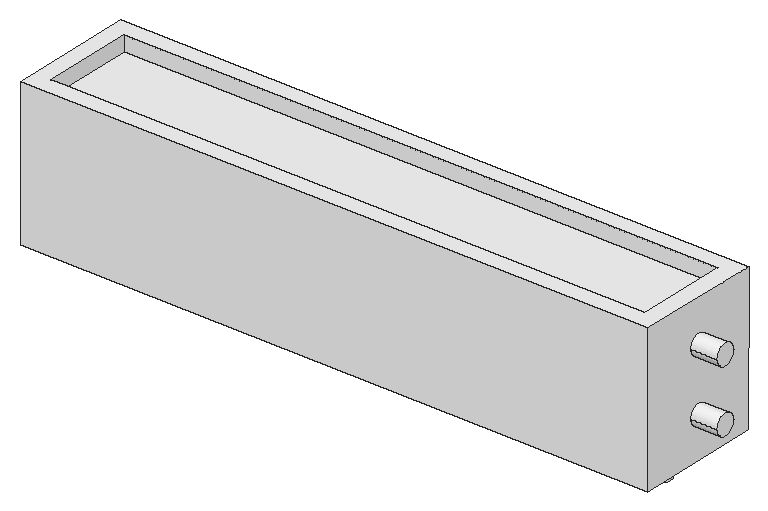
Revit family
Parameters (values of type "TS 0720")
  Width = 60 mm
  URL = "http://viewer.zmags.com/publication/f43ba979"
  Tapping Height = Height - 40 mm  # 30 mm
  Tapping Dim = 15 mm
  Tapping Depth = if(Tap Radius < 5 mm, 13 mm, 17 mm)  # 13 mm
  Tapping Bottom 2 = (Width > 60 mm)  # no
  Tapping Bottom = not(Tapping Bottom 2)  # yes
  Tap Radius = 4.8 mm
  Offset from Wall = if(Width = 60 mm, 80 mm, 127 mm)  # 80 mm
  Model = "TS 0720"
  Manufacturer = "Meinertz"  # constant formula
  Keynote = "TS 0720"
  Horizontal Line = Height > 70 mm  # no
  Horizontal Line 2 = Height > 140 mm  # no
  Height Offset from Floor = 100 mm
  Length = 300 mm
  Height = 70 mm
  Heater = RAL 9016
  Grill 2 = and(not(Grill 1), Add Grill)  # no
  Grill 1 = and(Width = 60 mm, Add Grill)  # yes
  Grill = Grill
  GoGetNo = 6981  # constant formula
  Add Grill = yes
Types (9, lengths in mm): name | Width | Tapping Height | Tapping Bottom 2 | Tapping Bottom | Offset from Wall | Model | Keynote | Horizontal Line | Horizontal Line 2 | Height | Grill 2 | Grill 1
  (no name) | 60 | 30 | no | yes | 80 | "TS 0720" | "TS 0720" | no | no | 70 | no | yes
  TS 0720 | 60 | 30 | no | yes | 80 | "TS 0720" | "TS 0720" | no | no | 70 | no | yes
  TS 1420 | 60 | 100 | no | yes | 80 | "TS 1420" | "TS 1420" | yes | no | 140 | no | yes
  TS 2120 | 60 | 170 | no | yes | 80 | "TS 2120" | "TS 2120" | yes | yes | 210 | no | yes
  TS 2820 | 60 | 240 | no | yes | 80 | "TS 2820" | "TS 2820" | yes | yes | 280 | no | yes
  TS 0730 | 109 | 30 | yes | no | 127 | "TS 0730" | "TS 0730" | no | no | 70 | yes | no
  TS 1430 | 109 | 100 | yes | no | 127 | "TS 1430" | "TS 1430" | yes | no | 140 | yes | no
  TS 2130 | 109 | 170 | yes | no | 127 | "TS 2130" | "TS 2130" | yes | yes | 210 | yes | no
  TS 2830 | 109 | 240 | yes | no | 127 | "TS 2830" | "TS 2830" | yes | yes | 280 | yes | no
Reference planes
  plane 1 "Center (Front/Back)": y = 0
  plane 2: z = 0
  plane 3 "Center (Left/Right)": x = 0
  plane 4 "bottom": z = 100
  plane 5: y = 30
  plane 6: y = -30
  plane 7: x = -150
  plane 8: x = 150
  plane 9: y = 22
  plane 10: y = -22
  plane 11: x = -142
  plane 12: x = 142
  plane 13: z = 170
  plane 14: z = 163
  plane 15: z = 135
  plane 16: z = 150
  plane 17: z = 120
  plane 18: y = 4
  plane 19: y = -4
  plane 20: y = -13
  plane 21: y = 13
  plane 22 "wall": y = 50
  plane 23: x = -132
  plane 24: x = 132
  plane 25: y = -25
  plane 26: y = 25
Forms (mm)
  Extrusion 1, solid, material "RAL 9016" <- "Heater"
    sketch origin (0, 0, 100) x (-1, 0, 0) y (0, -1, 0)
      loop
        line (150, -30) -> (150, 30) -> (-150, 30) -> (-150, -30) -> (150, -30)
      loop
        line (142, -22) -> (142, 22) -> (-142, 22) -> (-142, -22) -> (142, -22)
    from 0 to 70
  Extrusion 2, solid, material "RAL 9016" <- "Heater", visible <- "Grill 2"
    sketch origin (0, 0, 100) x (-1, 0, 0) y (0, -1, 0)
      loop
        line (142, -4) -> (142, 4) -> (-142, 4) -> (-142, -4) -> (142, -4)
    from 0 to 70
  Extrusion 3, solid, material "Grill" <- "Grill", visible <- "Grill 1", detail levels fine
    sketch origin (0, 0, 100) x (-1, 0, 0) y (0, -1, 0)
      loop
        line (142, -22) -> (142, 22) -> (-142, 22) -> (-142, -22) -> (142, -22)
    from 55 to 63
  Extrusion 4, solid, material "Grill" <- "Grill", visible <- "Grill 2", detail levels fine
    sketch origin (0, 0, 100) x (-1, 0, 0) y (0, -1, 0)
      loop
        line (142, -22) -> (142, -4) -> (-142, -4) -> (-142, -22) -> (142, -22)
      loop
        line (142, 22) -> (-142, 22) -> (-142, 4) -> (142, 4) -> (142, 22)
    from 55 to 63
  Extrusion 5, solid, material "RAL 9016" <- "Heater"
    sketch origin (0, 0, 100) x (-1, 0, 0) y (0, -1, 0)
      loop
        line (142, -22) -> (142, 22) -> (-142, 22) -> (-142, -22) -> (142, -22)
    from 0 to 8
  Extrusion 6, solid, material "Tap"
    sketch origin (-150, 30, 100) x (0, -1, 0) y (0, 0, 1)
      loop
        circle (30, 50) r 4.8
    from 0 to 13
  Extrusion 7, solid, material "Tap"
    sketch origin (-150, 30, 100) x (0, -1, 0) y (0, 0, 1)
      loop
        circle (30, 20) r 4.8
    from 0 to 13
  Extrusion 8, solid, material "Tap"
    sketch origin (150, 30, 100) x (0, -1, 0) y (0, 0, -1)
      loop
        circle (30, -50) r 4.8
    from 0 to 13
  Extrusion 9, solid, material "Tap"
    sketch origin (150, 30, 100) x (0, -1, 0) y (0, 0, -1)
      loop
        circle (30, -20) r 4.8
    from 0 to 13
  Extrusion 10, solid, material "Tap", visible <- "Tapping Bottom"
    sketch origin (0, 0, 100) x (0, -1, 0) y (-1, 0, 0)
      loop
        circle (0, 132) r 4.8
    from 0 to 13
  Extrusion 11, solid, material "Tap", visible <- "Tapping Bottom"
    sketch origin (0, 0, 100) x (0, 1, 0) y (1, 0, 0)
      loop
        circle (0, 132) r 4.8
    from 0 to 13
  Extrusion 12, solid, material "Tap", visible <- "Tapping Bottom 2"
    sketch origin (0, 25, 100) x (0, -1, 0) y (-1, 0, 0)
      loop
        circle (0, 132) r 4.8
    from 0 to 13
  Extrusion 13, solid, material "Tap", visible <- "Tapping Bottom 2"
    sketch origin (0, -25, 100) x (0, -1, 0) y (-1, 0, 0)
      loop
        circle (0, 132) r 4.8
    from 0 to 13
  Extrusion 14, solid, material "Tap", visible <- "Tapping Bottom 2"
    sketch origin (0, 25, 100) x (0, 1, 0) y (1, 0, 0)
      loop
        circle (0, 132) r 4.8
    from 0 to 13
  Extrusion 15, solid, material "Tap", visible <- "Tapping Bottom 2"
    sketch origin (0, -25, 100) x (0, 1, 0) y (1, 0, 0)
      loop
        circle (0, 132) r 4.8
    from 0 to 13
Lines and regions (mm)
  symbolic lines
    curve 1: line (-150, 0, 170) -> (150, 0, 170)
  symbolic lines, visible <- "Horizontal Line"
    curve 2: line (-150, 0, 240) -> (150, 0, 240)
  symbolic lines, visible <- "Horizontal Line 2"
    curve 3: line (-150, 0, 310) -> (150, 0, 310)
Dimensions and locks
  locked: plane 7 to plane 11 at 8
  locked: plane 12 to plane 8 at 8
  locked: plane 10 to plane 6 at 8
  locked: plane 9 to plane 5 at 8
  equal spacing: plane 7, plane 3 "Center (Left/Right)", plane 8
  equal spacing: plane 6, plane 1 "Center (Front/Back)", plane 5
  "Length": plane 7 to plane 8
  "Width": plane 5 to plane 6
  "Height": plane 13 to plane 4 "bottom"
  "Height Offset from Floor": plane 4 "bottom" to plane 2
  locked: plane 13 to plane 14 at 7
  equal spacing: plane 13, plane 15, plane 4 "bottom"
  equal spacing: plane 16, plane 15, plane 17
  "Tapping Height": plane 16 to plane 17
  group 1 to group 2 = 0 mm  (x2)
  group 1 to group 2 = 70 mm
  curve 3 to curve 2 to curve 1 to plane 4 "bottom" = 70 mm locked, 70 mm locked, 70 mm locked
  plane 19 to plane 1 "Center (Front/Back)" to plane 18 = 4 mm, 4 mm
  equal spacing: plane 19, plane 20, plane 10
  equal spacing: plane 9, plane 21, plane 18
  "Offset from Wall": plane 22 "wall" to plane 6
  locked: plane 14 to Extrusion 3 at 8
  locked: plane 23 to plane 7 at 18
  locked: plane 24 to plane 8 at 18
  equal spacing: plane 26, plane 1 "Center (Front/Back)", plane 25
  locked: plane 26 to plane 25 at 50
  "Tapping Depth": Extrusion 6 to Extrusion 6  (x2)
  "Tapping Depth": Extrusion 7 to Extrusion 7
  Extrusion 7 to plane 1 "Center (Front/Back)" to Extrusion 7 = 4.8 mm locked, 4.8 mm locked  (x2)
  "Tapping Depth": Extrusion 8 to Extrusion 8  (x2)
  "Tapping Depth": Extrusion 9 to Extrusion 9
  Extrusion 9 to Extrusion 9 = 9.6 mm  (x2)
  "Tapping Depth": Extrusion 10 to Extrusion 10
  "Tapping Depth": Extrusion 11 to Extrusion 11
  "Tapping Depth": Extrusion 12 to Extrusion 12
  "Tapping Depth": Extrusion 13 to Extrusion 13
  "Tapping Depth": Extrusion 14 to Extrusion 14
  "Tapping Depth": Extrusion 15 to Extrusion 15
  "Tap Radius": radius of Extrusion 6 sketch curve
  "Tap Radius": radius of Extrusion 7 sketch curve
  "Tap Radius": radius of Extrusion 8 sketch curve
  "Tap Radius": radius of Extrusion 9 sketch curve
  "Tap Radius": radius of Extrusion 10 sketch curve
  "Tap Radius": radius of Extrusion 11 sketch curve
  "Tap Radius": radius of Extrusion 12 sketch curve
  "Tap Radius": radius of Extrusion 13 sketch curve
  "Tap Radius": radius of Extrusion 14 sketch curve
  "Tap Radius": radius of Extrusion 15 sketch curve
  aligned and locked: plane 7 to Extrusion 1 sketch curve
  aligned and locked: plane 5 to Extrusion 1 sketch curve
  aligned and locked: plane 6 to Extrusion 1 sketch curve
  aligned and locked: plane 8 to Extrusion 1 sketch curve
  aligned and locked: plane 9 to Extrusion 1 sketch curve
  aligned and locked: plane 11 to Extrusion 1 sketch curve
  aligned and locked: plane 10 to Extrusion 1 sketch curve
  aligned and locked: plane 12 to Extrusion 1 sketch curve
  aligned and locked: plane 13 to Extrusion 1
  aligned and locked: plane 7 to curve 1
  aligned and locked: plane 8 to curve 1
  aligned and locked: plane 18 to Extrusion 2 sketch curve
  aligned and locked: plane 19 to Extrusion 2 sketch curve
  aligned and locked: plane 11 to Extrusion 2 sketch curve
  aligned and locked: plane 12 to Extrusion 2 sketch curve
  aligned and locked: plane 13 to Extrusion 2
  aligned and locked: plane 9 to Extrusion 3 sketch curve
  aligned and locked: plane 10 to Extrusion 3 sketch curve
  aligned and locked: plane 12 to Extrusion 3 sketch curve
  aligned and locked: plane 11 to Extrusion 3 sketch curve
  aligned and locked: plane 14 to Extrusion 3
  aligned and locked: plane 9 to Extrusion 4 sketch curve
  aligned and locked: plane 18 to Extrusion 4 sketch curve
  aligned and locked: Extrusion 4 sketch curve to plane 10
  aligned and locked: plane 19 to Extrusion 4 sketch curve
  aligned and locked: Extrusion 4 sketch curve to Extrusion 4 sketch curve  (x2)
  aligned and locked: plane 11 to Extrusion 4 sketch curve
  aligned and locked: plane 12 to Extrusion 4 sketch curve
  aligned and locked: Extrusion 4 to Extrusion 3
  aligned and locked: plane 14 to Extrusion 4
  aligned and locked: plane 9 to Extrusion 5 sketch curve
  aligned and locked: plane 10 to Extrusion 5 sketch curve
  aligned and locked: plane 11 to Extrusion 5 sketch curve
  aligned and locked: plane 12 to Extrusion 5 sketch curve
Automatic sketch dimensions
  curve 3 to plane 7 = 0 mm
  curve 2 to plane 7 = 0 mm
  curve 2 to plane 8 = 0 mm
  curve 3 to plane 8 = 0 mm
  Extrusion 6 sketch curve to plane 1 "Center (Front/Back)" = 0 mm
  Extrusion 6 sketch curve to plane 16 = 0 mm
  Extrusion 7 sketch curve to plane 1 "Center (Front/Back)" = 0 mm
  Extrusion 7 sketch curve to plane 17 = 0 mm
  Extrusion 8 sketch curve to plane 1 "Center (Front/Back)" = 0 mm
  Extrusion 8 sketch curve to plane 16 = 0 mm
  Extrusion 9 sketch curve to plane 1 "Center (Front/Back)" = 0 mm
  Extrusion 9 sketch curve to plane 17 = 0 mm
  Extrusion 2 to Extrusion 10 sketch curve = 4 mm
  Extrusion 2 to Extrusion 10 sketch curve = 10 mm
  Extrusion 2 to Extrusion 11 sketch curve = 4 mm
  Extrusion 2 to Extrusion 11 sketch curve = 10 mm
  Extrusion 2 to Extrusion 12 sketch curve = 10 mm
  Extrusion 12 sketch curve to Extrusion 2 = 21 mm
  Extrusion 2 to Extrusion 13 sketch curve = 10 mm
  Extrusion 13 sketch curve to Extrusion 2 = 21 mm
  Extrusion 2 to Extrusion 14 sketch curve = 10 mm
  Extrusion 14 sketch curve to Extrusion 2 = 21 mm
  Extrusion 2 to Extrusion 15 sketch curve = 10 mm
  Extrusion 15 sketch curve to Extrusion 2 = 21 mm
Connectors
  piping at (-163, 0, 150), driven by "Tap Radius"
    settings: on Extrusion 6, index 5, connector radius 4.8 mm, flow factor 0, pipe flow 0.0 L/s, pressure drop 0.0 Pa, fitting loss kfactor 0, connector angle 0.00°, fixture units 0, flow configuration 1, flow direction 1, fitting loss method 0, system type 22, connector reference index -1, connector utility 0, adjustable connector no, is connector primary yes, fitting loss table "", connector description "C"
  piping at (-163, 0, 120), driven by "Tap Radius"
    settings: on Extrusion 7, index 6, connector radius 4.8 mm, flow factor 0, pipe flow 0.0 L/s, pressure drop 0.0 Pa, fitting loss kfactor 0, connector angle 0.00°, fixture units 0, flow configuration 1, flow direction 2, fitting loss method 0, system type 22, connector reference index -1, connector utility 0, adjustable connector no, is connector primary no, fitting loss table "", connector description "D"
  piping at (163, 0, 150), driven by "Tap Radius"
    settings: on Extrusion 8, index 13, connector radius 4.8 mm, flow factor 0, pipe flow 0.0 L/s, pressure drop 0.0 Pa, fitting loss kfactor 0, connector angle 0.00°, fixture units 0, flow configuration 1, flow direction 1, fitting loss method 0, system type 22, connector reference index -1, connector utility 0, adjustable connector no, is connector primary no, fitting loss table "", connector description "A"
  piping at (163, 0, 120), driven by "Tap Radius"
    settings: on Extrusion 9, index 14, connector radius 4.8 mm, flow factor 0, pipe flow 0.0 L/s, pressure drop 0.0 Pa, fitting loss kfactor 0, connector angle 0.00°, fixture units 0, flow configuration 1, flow direction 2, fitting loss method 0, system type 22, connector reference index -1, connector utility 0, adjustable connector no, is connector primary no, fitting loss table "", connector description "B"
  piping at (-132, -25, 87), driven by "Tap Radius"
    settings: on Extrusion 13, index 15, connector radius 4.8 mm, flow factor 0, pipe flow 0.0 L/s, pressure drop 0.0 Pa, fitting loss kfactor 0, connector angle 0.00°, fixture units 0, flow configuration 1, flow direction 2, fitting loss method 0, system type 22, connector reference index -1, connector utility 0, adjustable connector no, is connector primary no, fitting loss table "", connector description "F"
  piping at (-132, 0, 87), driven by "Tap Radius"
    settings: on Extrusion 10, index 16, connector radius 4.8 mm, flow factor 0, pipe flow 0.0 L/s, pressure drop 0.0 Pa, fitting loss kfactor 0, connector angle 0.00°, fixture units 0, flow configuration 1, flow direction 2, fitting loss method 0, system type 22, connector reference index -1, connector utility 0, adjustable connector no, is connector primary no, fitting loss table "", connector description "F"
  piping at (-132, 25, 87), driven by "Tap Radius"
    settings: on Extrusion 12, index 17, connector radius 4.8 mm, flow factor 0, pipe flow 0.0 L/s, pressure drop 0.0 Pa, fitting loss kfactor 0, connector angle 0.00°, fixture units 0, flow configuration 1, flow direction 2, fitting loss method 0, system type 22, connector reference index -1, connector utility 0, adjustable connector no, is connector primary no, fitting loss table "", connector description "F"
  piping at (132, 25, 87), driven by "Tap Radius"
    settings: on Extrusion 14, index 18, connector radius 4.8 mm, flow factor 0, pipe flow 0.0 L/s, pressure drop 0.0 Pa, fitting loss kfactor 0, connector angle 0.00°, fixture units 0, flow configuration 1, flow direction 1, fitting loss method 0, system type 22, connector reference index -1, connector utility 0, adjustable connector no, is connector primary no, fitting loss table "", connector description "E"
  piping at (132, 0, 87), driven by "Tap Radius"
    settings: on Extrusion 11, index 19, connector radius 4.8 mm, flow factor 0, pipe flow 0.0 L/s, pressure drop 0.0 Pa, fitting loss kfactor 0, connector angle 0.00°, fixture units 0, flow configuration 1, flow direction 1, fitting loss method 0, system type 22, connector reference index -1, connector utility 0, adjustable connector no, is connector primary no, fitting loss table "", connector description "E"
  piping at (132, -25, 87), driven by "Tap Radius"
    settings: on Extrusion 15, index 20, connector radius 4.8 mm, flow factor 0, pipe flow 0.0 L/s, pressure drop 0.0 Pa, fitting loss kfactor 0, connector angle 0.00°, fixture units 0, flow configuration 1, flow direction 1, fitting loss method 0, system type 22, connector reference index -1, connector utility 0, adjustable connector no, is connector primary no, fitting loss table "", connector description "E"
